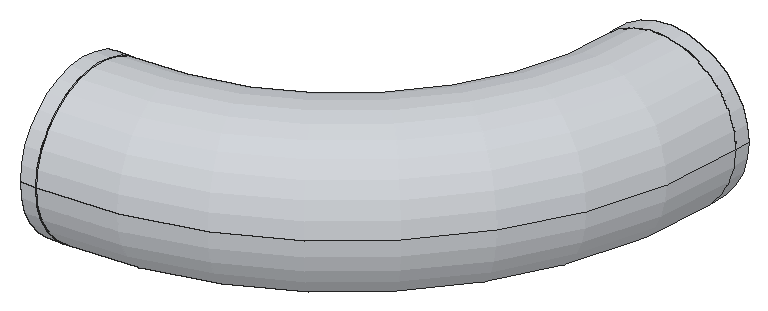
Revit family "M_Round 3 Gore 1D Elbow - DTL", category Duct Fittings, Revit 2014
Parameters (values of type "Standard")
  Straight Out Visibility [instance] = Straight Out > 0 mm  # yes
  Straight Out [instance] = 50 mm
  Straight In Visibility [instance] = Straight In > 0 mm  # yes
  Straight In [instance] = 50 mm
  Straight Out 1 [instance] = if(Straight Out = 0 mm, 12 mm, Straight Out)  # 50 mm
  Straight In 1 [instance] = if(Straight In = 0 mm, 12 mm, Straight In)  # 50 mm
  Number of Gores = 3
  Length 3 [instance] = Center Radius * cos(Angle) - Straight Out * sin(Angle) + 508 mm  # 458 mm
  Length 2 [instance] = Center Radius * sin(Angle) + Straight Out * cos(Angle)  # 1000 mm
  Radius Out [instance] = 250 mm
  Length 1 [instance] = Center Radius * tan(Angle / 2)  # 1000 mm
  Radius In [instance] = 250 mm
  Maximum Segmentation Angle [instance] = Angle / (Number of Gores - 1)  # 45.00°
  Diameter Out [instance] = Radius Out * 2  # 500 mm
  Diameter In [instance] = Radius In * 2  # 500 mm
  Center Radius [instance] = 1000 mm
  Assembly Code = ""
  Angle [instance] = 90.00°
Reference planes
  plane 1 "Center (Front/Back)": y = 0
  plane 2: z = 0
  plane 3 "Center (Left/Right)": x = 0
  plane 4: x = -1000
  plane 5: y = 1000
  plane 6: x = -1050
  plane 7: x = -1000
  plane 8: y = 1050
  plane 9: x = 0
  plane 10: y = 1508
Forms (mm)
  SweptBlend 1, solid, detail levels medium+fine
    path in 3D
      loop
        arc (-1000, 0, 0) -> (-292.893, 292.893, 0) -> (0, 1000, 0) r 1000
    profile origin (-1000, 0, 0) x (0, 1, 0) y (0, 0, 1)
      loop
        circle (0, 0) r 250
    end profile origin (0, 1000, 0) x (-1, 0, 0) y (0, 0, 1)
      loop
        circle (0, 0) r 250
  Sweep 2, solid, visible <- "Straight In Visibility", detail levels medium+fine
    path in 3D
      loop
        line (-1050, 0, 0) -> (-1000, 0, 0)
    profile origin (-1025, 0, 0) x (0, 1, 0) y (0, 0, 1)
      loop
        circle (0, 0) r 250
  Sweep 3, solid, visible <- "Straight Out Visibility", detail levels medium+fine
    path in 3D
      loop
        line (0, 1050, 0) -> (0, 1000, 0)
    profile origin (0, 1025, 0) x (1, 0, 0) y (0, 0, 1)
      loop
        circle (0, 0) r 250
Lines and regions (mm)
  model lines, detail levels coarse
    curve 1: arc (-1000, 0, 0) -> (-292.893, 292.893, 0) -> (0, 1000, 0) r 1000
    curve 3: line (-1050, 0, 0) -> (-1000, 0, 0)
    curve 6: line (0, 1050, 0) -> (0, 1000, 0)
  sketch lines
    curve 2: arc (-1000, 0, 0) -> (-292.893, 292.893, 0) -> (0, 1000, 0) r 1000
    curve 4: line (-1050, 0, 0) -> (-1000, 0, 0)
    curve 7: line (0, 1050, 0) -> (0, 1000, 0)
  model lines, not visible, detail levels coarse
    curve 5: line (0, 0, 0) -> (0, 1050, 0)
Dimensions and locks
  "Length 1": plane 4 to plane 3 "Center (Left/Right)"
  "Center Radius": plane 1 "Center (Front/Back)" to plane 5
  "Straight In": plane 6 to plane 4
  "Straight In 1": plane 6 to plane 7
  "Length 2": plane 4 to plane 9
  "Straight Out 1": curve 6 to curve 6
  plane 5 to plane 10 = 508 mm
  "Length 3": plane 10 to plane 8
  "Radius In": radius of SweptBlend 1 sketch curve
  "Radius Out": radius of SweptBlend 1 sketch curve
  "Radius In": radius of Sweep 2 sketch curve
  "Radius Out": radius of Sweep 3 sketch curve
  "Center Radius": radius of curve 1
  "Angle": angle curve 1 to curve 1
  "Angle": angle plane 1 "Center (Front/Back)" to curve 6
  aligned and locked: plane 4 to curve 1
  aligned and locked: plane 7 to curve 3
  aligned and locked: plane 6 to curve 3
  aligned and locked: plane 1 "Center (Front/Back)" to curve 3
  aligned and locked: plane 9 to curve 5
  aligned and locked: plane 8 to curve 5
  aligned and locked: plane 1 "Center (Front/Back)" to curve 5
Automatic sketch dimensions
  SweptBlend 1 sketch curve to profile plane = 0 mm  (x4)
  Sweep 2 sketch curve to profile plane = 0 mm  (x2)
  Sweep 3 sketch curve to profile plane = 0 mm  (x2)
Connectors
  hvac at (-1050, 0, 0), driven by "Radius In"
    settings: on Sweep 2, index 1, duct flow 0.0 L/s, flow factor 0, pres drop 0.0 Pa, loss coef 0, conn angle 0.00°, conn width 304.8 mm, conn height 304.8 mm, conn diameter 500 mm, duct sys type 28, conn prof type 0, flow config 0, flow direction 0, loss method 0, conn ref index 2, conn util no, is conn primary yes, conn desc ""
  hvac at (0, 1050, 0), driven by "Radius Out", driven by "Angle"
    settings: on Sweep 3, index 2, duct flow 0.0 L/s, flow factor 0, pres drop 0.0 Pa, loss coef 0, conn angle 90.00°, conn width 304.8 mm, conn height 304.8 mm, conn diameter 500 mm, duct sys type 28, conn prof type 0, flow config 0, flow direction 0, loss method 0, conn ref index 1, conn util no, is conn primary no, conn desc ""
